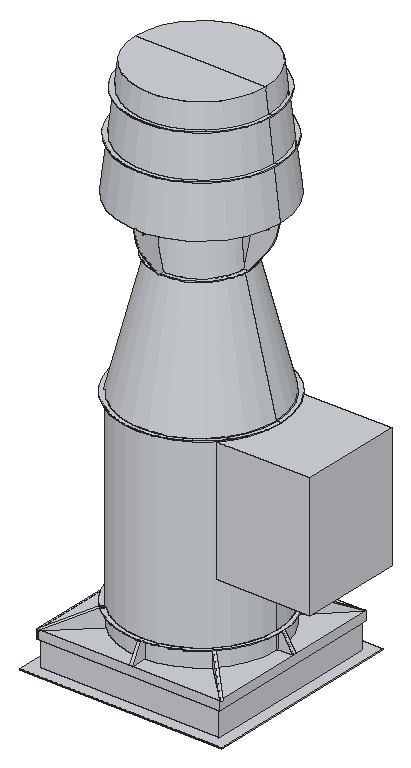
Revit family "POWER_PLUME", category Mechanical Equipment, Revit 2019
Family settings
  Round Connector Dimension = Use Radius
  Part Type = Normal
  Work Plane-Based = No
  Always vertical = Yes
  Cut with Voids When Loaded = No
  Shared = No
  Room Calculation Point = No
Parameters
  Unit Weight [instance] = ""
  T_SQ/2 = T_SQ / 2  # 2' - 7"
  T_SQ+.25" = T_SQ + 0' 0 1/4"  # 5' - 2 1/4"
  T_SQ = 5' - 2"
  Sones [instance] = ""
  RAD_2 = 1' - 3"
  RAD3 = 1' - 1"
  RAD+1.5" = RAD + 0' 1 1/2"  # 2' - 3 3/8"
  RAD = 4' 3 3/4" / 2  # 2' - 1 7/8"
  Motor RPM [instance] = ""
  Motor Enclosure [instance] = ""
  ModelID [instance] = ""
  LwA [instance] = ""
  Fan RPM [instance] = ""
  F = 0' - 0"
  E = 0' - 2"
  D = 1' - 9"
  CONE_HEIGHT = 1' - 3 29/64"
  C/2 = C / 2  # 0' - 11 1/16"
  C = 1' - 10 1/8"
  B/2 = B / 2  # 1' - 0 1/16"
  B = 2' - 0 1/8"
  Accessories [instance] = ""
  A/2 = A / 2  # 1' - 0 1/8"
  A = 2' - 0 1/4"
  8" = 0' - 8"  # constant formula
  64" = 5' - 4"  # constant formula
  58 7/32" = 4' - 10 7/32"  # constant formula
  54.375"/2 = 4' 6 3/8" / 2  # 2' - 3 3/16"
  54.375" = 4' - 6 3/8"  # constant formula
  51" = 4' - 3"  # constant formula
  44.375"/2 = 3' 8 3/8" / 2  # 1' - 10 3/16"
  44.375" = 3' - 8 3/8"  # constant formula
  39 27/32" = 3' - 3 27/32"  # constant formula
  33 7/32"/2 = 2' 9 7/32" / 2  # 1' - 4 39/64"
  30.375" = 2' - 6 3/8"  # constant formula
  3" = 0' - 3"  # constant formula
  Brake Hp [instance] = ""
  4" = 0' - 4"  # constant formula
  2.875" = 0' - 2 7/8"
  2' = 2' - 0"
  2" = 0' - 2"  # constant formula
  17.5" = 1' - 5 1/2"  # constant formula
  10'-58 7/32" = 14' 6" - 4' 10 7/32"  # 9' - 7 25/32"
  1" = 0' - 1"  # constant formula
  0 = 0' - 0"  # constant formula
  Voltage [instance] = 0 V
  URL = "www.lorencook.com"
  Type Comments = "Power Plume with Curb Cap - Total of 10' Tall"  # constant formula
  Static Pressure [instance] = 0.00 in-wg
  Power [instance] = Voltage * Motor FLA * sqrt(if(Phase = 3, 3, 1))  # 0 VA
  Phase [instance] = 0
  Number of Poles [instance] = 1
  Motor Hp [instance] = "0"
  Motor FLA [instance] = 0 A
  Model = "Power Plume"  # constant formula
  Manufacturer = "Loren Cook Company"
  CFM [instance] = 0 CFM
  1.5 = 0' - 1 1/2"  # constant formula
  ONE EIGTH = 0' - 0 1/8"  # constant formula
  (T_SQ+.25")/2 = (T_SQ + 0' 0 1/4") / 2  # 2' - 7 1/8"
Reference planes (in)
  plane 1 "Center (Front/Back)": y = 0
  plane 2: z = 0
  plane 3 "Center (Left/Right)": x = 0.40541
  plane 4: through (-20.59459, -21, 48) normal (-0.7071, 0.7071, 0)
Forms (in)
  Extrusion 1, solid
    sketch origin (0, 0, 0) x (1, 0, 0) y (0, 1, 0)
      loop
        line (-30.71959, 31.125) -> (-30.71959, -31.125) -> (31.53041, -31.125) -> (31.53041, 31.125) -> (-30.71959, 31.125)
    from 3 to 0
  Extrusion 2, void
    sketch origin (0, 0, 0) x (1, 0, 0) y (0, 1, 0)
      loop
        line (-30.59459, 31) -> (-30.59459, -31) -> (31.40541, -31) -> (31.40541, 31) -> (-30.59459, 31)
    from 2.875 to 0
  Extrusion 3, solid
    sketch origin (0, 0, 3) x (1, 0, 0) y (0, 1, 0)
      loop
        circle (0.40541, 0) r 25.875
    from 6 to 0
  Extrusion 4, solid
    sketch origin (0, 0, 3) x (1, 0, 0) y (0, 1, 0)
      loop
        circle (0.40541, 0) r 25.875
      loop
        circle (0.40541, 0) r 27.375
    from 6 to 6.125
  Extrusion 5, solid
    sketch origin (0, 0, 9) x (1, 0, 0) y (0, 1, 0)
      loop
        circle (0.40541, 0) r 27.375
      loop
        circle (0.40541, 0) r 25.875
    from 0 to 0.125
  Revolve 6, solid
    sketch origin (0, 0, 0) x (1, 0, 0) y (0, 0, 1)
      loop
        line (0.40541, 9.125) -> (26.28041, 9.125) -> (26.28041, 73.125) -> (15.40541, 115.78125) -> (0.40541, 115.78125) -> (0.40541, 9.125)
      axis (0.40541, 115.78125) -> (0.40541, 9.125)
    angle from 0 to 360
  Revolve 7, solid
    sketch origin (0, 0, 0) x (1, 0, 0) y (0, 0, 1)
      loop
        line (0.40541, 115.78125) -> (17.01479, 115.78125) -> (17.01479, 115.90625) -> (15.40541, 115.90625) -> (13.40541, 134.15625) -> (27.59291, 134.15625) -> (22.59291, 174) -> (0.40541, 174) -> (0.40541, 115.78125)
      axis (0.40541, 174) -> (0.40541, 115.78125)
    angle from 0 to 360
  Revolve 8, solid
    sketch origin (0, 0, 0) x (1, 0, 0) y (0, 0, 1)
      loop
        line (25.39683, 151.65625) -> (26.89683, 151.65625) -> (26.89683, 151.78125) -> (25.38115, 151.78125) -> (25.39683, 151.65625)
      axis (0.40541, 151.65625) -> (0.40541, 151.78125)
    angle from 0 to 360
  Revolve 9, solid
    sketch origin (0, 0, 0) x (1, 0, 0) y (0, 0, 1)
      loop
        line (23.59683, 166) -> (25.09683, 166) -> (25.09683, 166.125) -> (23.58118, 166.125) -> (23.59683, 166)
      axis (0.40541, 166) -> (0.40541, 166.125)
    angle from 0 to 360
  Extrusion 10, solid
    sketch origin (0, -0.40541, 0) x (1, 0, 0) y (0, 0, 1)
      loop
        line (15.40541, 115.90625) -> (17.01479, 115.90625) -> (23.4706, 123.97314)
        arc (23.4706, 123.97314) -> (25.68571, 127.51775) -> (27.02357, 131.47768) r 18
        line (27.02357, 131.47768) -> (27.59291, 134.15625) -> (25.07207, 134.15625) -> (24.5362, 131.63518)
        arc (24.5362, 131.63518) -> (23.66853, 130.69655) -> (22.42963, 131.01119) r 1.25
        line (22.42963, 131.01119) -> (19.28457, 134.15625) -> (16.23501, 134.15625) -> (16.90982, 132.30223)
        arc (16.90982, 132.30223) -> (17.64768, 128.83086) -> (17.40012, 125.29059) r 12.75
        line (17.40012, 125.29059) -> (15.40541, 115.90625)
    from 0 to 0.125
  Extrusion 11, solid
    sketch origin (0.81082, -0.40541, 0) x (0, 1, 0) y (0, 0, 1)
      loop
        line (-30.62584, 3) -> (-25.46959, 3) -> (-25.46959, 9) -> (-26.96959, 9) -> (-30.62584, 3)
    from 0 to 1
  Extrusion 12, solid
    sketch origin (21.40541, -21, 48) x (0.707107, -0.707107, 0) y (0, 0, 1)
      loop
        line (-73.71588, -45) -> (-55.61759, -45) -> (-55.61759, -39) -> (-57.07348, -39) -> (-73.71588, -45)
    from 0 to 1
  Extrusion 13, solid
    sketch origin (-20.59459, -21, 48) x (-0.707107, -0.707107, 0) y (0, 0, 1)
      loop
        circle (-29.69848, 69.90625) r 1
    from 0 to 15 <- "RAD_2"
  Extrusion 14, solid
    sketch origin (0.40541, 0, 0) x (0, 1, 0) y (0, 0, 1)
      loop
        line (15.40541, 115.90625) -> (17.01479, 115.90625) -> (23.4706, 123.97314)
        arc (23.4706, 123.97314) -> (25.68571, 127.51775) -> (27.02357, 131.47768) r 18
        line (27.02357, 131.47768) -> (27.59291, 134.15625) -> (25.07207, 134.15625) -> (24.5362, 131.63518)
        arc (24.5362, 131.63518) -> (23.66853, 130.69655) -> (22.42963, 131.01119) r 1.25
        line (22.42963, 131.01119) -> (19.28457, 134.15625) -> (16.23501, 134.15625) -> (16.90982, 132.30223)
        arc (16.90982, 132.30223) -> (17.64768, 128.83086) -> (17.40012, 125.29059) r 12.75
        line (17.40012, 125.29059) -> (15.40541, 115.90625)
    from 0 to 0.125
  Extrusion 15, solid
    sketch origin (0, 0.40541, 0) x (-1, 0, 0) y (0, 0, 1)
      loop
        line (15.40541, 115.90625) -> (17.01479, 115.90625) -> (23.4706, 123.97314)
        arc (23.4706, 123.97314) -> (25.68571, 127.51775) -> (27.02357, 131.47768) r 18
        line (27.02357, 131.47768) -> (27.59291, 134.15625) -> (25.07207, 134.15625) -> (24.5362, 131.63518)
        arc (24.5362, 131.63518) -> (23.66853, 130.69655) -> (22.42963, 131.01119) r 1.25
        line (22.42963, 131.01119) -> (19.28457, 134.15625) -> (16.23501, 134.15625) -> (16.90982, 132.30223)
        arc (16.90982, 132.30223) -> (17.64768, 128.83086) -> (17.40012, 125.29059) r 12.75
        line (17.40012, 125.29059) -> (15.40541, 115.90625)
    from 0 to 0.125
  Extrusion 16, solid
    sketch origin (-0.40541, 0, 0) x (0, -1, 0) y (0, 0, 1)
      loop
        line (15.40541, 115.90625) -> (17.01479, 115.90625) -> (23.4706, 123.97314)
        arc (23.4706, 123.97314) -> (25.68571, 127.51775) -> (27.02357, 131.47768) r 18
        line (27.02357, 131.47768) -> (27.59291, 134.15625) -> (25.07207, 134.15625) -> (24.5362, 131.63518)
        arc (24.5362, 131.63518) -> (23.66853, 130.69655) -> (22.42963, 131.01119) r 1.25
        line (22.42963, 131.01119) -> (19.28457, 134.15625) -> (16.23501, 134.15625) -> (16.90982, 132.30223)
        arc (16.90982, 132.30223) -> (17.64768, 128.83086) -> (17.40012, 125.29059) r 12.75
        line (17.40012, 125.29059) -> (15.40541, 115.90625)
    from 0 to 0.125
  Extrusion 17, solid
    sketch origin (0.81082, 0.40541, 0) x (-1, 0, 0) y (0, 0, 1)
      loop
        line (-30.62584, 3) -> (-25.46959, 3) -> (-25.46959, 9) -> (-26.96959, 9) -> (-30.62584, 3)
    from 0 to 1
  Extrusion 18, solid
    sketch origin (21.40541, 21, 48) x (0.707107, 0.707107, 0) y (0, 0, 1)
      loop
        line (-73.71588, -45) -> (-55.61759, -45) -> (-55.61759, -39) -> (-57.07348, -39) -> (-73.71588, -45)
    from 0 to 1
  Extrusion 19, solid
    sketch origin (0, 0.40541, 0) x (0, -1, 0) y (0, 0, 1)
      loop
        line (-30.62584, 3) -> (-25.46959, 3) -> (-25.46959, 9) -> (-26.96959, 9) -> (-30.62584, 3)
    from 0 to 1
  Extrusion 20, solid
    sketch origin (-20.59459, 21, 48) x (-0.707107, 0.707107, 0) y (0, 0, 1)
      loop
        line (-73.71588, -45) -> (-55.61759, -45) -> (-55.61759, -39) -> (-57.07348, -39) -> (-73.71588, -45)
    from 0 to 1
  Extrusion 21, solid
    sketch origin (0, -0.40541, 0) x (1, 0, 0) y (0, 0, 1)
      loop
        line (-30.62584, 3) -> (-25.46959, 3) -> (-25.46959, 9) -> (-26.96959, 9) -> (-30.62584, 3)
    from 0 to 1
  Extrusion 22, solid
    sketch origin (-20.59459, -21, 48) x (-0.707107, -0.707107, 0) y (0, 0, 1)
      loop
        line (-73.71588, -45) -> (-55.61759, -45) -> (-55.61759, -39) -> (-57.07348, -39) -> (-73.71588, -45)
    from 0 to 1
  Revolve 23, solid
    sketch origin (0, 0, 0) x (1, 0, 0) y (0, 0, 1)
      loop
        line (26.28041, 73.125) -> (26.28041, 73) -> (27.78041, 73) -> (27.78041, 73.125) -> (26.28041, 73.125)
      axis (0.40541, 73) -> (0.40541, 73.125)
    angle from 0 to 360
  Extrusion 24, solid
    sketch origin (0, 0, 0) x (1, 0, 0) y (0, 1, 0)
      loop
        arc (19.46494, 17.5) -> (26.28041, 0) -> (19.46494, -17.5) r 25.875
        line (19.46494, -17.5) -> (51.40541, -17.5) -> (51.40541, 17.5) -> (19.46494, 17.5)
    from 30 to 72
  Extrusion 25, solid
    sketch origin (0, 0, 0) x (1, 0, 0) y (0, 1, 0)
      loop
        arc (-1.59459, 25.79759) -> (0.40541, 25.875) -> (2.40541, 25.79759) r 25.875
        line (2.40541, 25.79759) -> (2.40541, 29.875) -> (-1.59459, 29.875) -> (-1.59459, 25.79759)
    from 28 to 24
  Extrusion 26, solid
    sketch origin (0, 0, 0) x (1, 0, 0) y (0, 1, 0)
      loop
        line (-29.96959, 30.375) -> (-29.96959, -30.375) -> (30.78041, -30.375) -> (30.78041, 30.375) -> (-29.96959, 30.375)
    from 0 to -9
  Extrusion 27, solid
    sketch origin (0, 0, 0) x (1, 0, 0) y (0, 1, 0)
      loop
        line (-33.96959, 34.375) -> (-33.96959, -34.375) -> (34.78041, -34.375) -> (34.78041, 34.375) -> (-33.96959, 34.375)
    from -8.75 to -9
Cuts and joins
  Extrusion 2 cuts Extrusion 1
Dimensions and locks (in)
  "(T_SQ+.25")/2": Extrusion 1 sketch curve to plane 3 "Center (Left/Right)"
  "(T_SQ+.25")/2": plane 3 "Center (Left/Right)" to Extrusion 1 sketch curve
  "(T_SQ+.25")/2": plane 1 "Center (Front/Back)" to Extrusion 1 sketch curve
  "(T_SQ+.25")/2": Extrusion 1 sketch curve to plane 1 "Center (Front/Back)"
  "T_SQ/2": Extrusion 2 sketch curve to plane 3 "Center (Left/Right)"
  "T_SQ/2": plane 3 "Center (Left/Right)" to Extrusion 2 sketch curve
  "T_SQ/2": plane 1 "Center (Front/Back)" to Extrusion 2 sketch curve
  "T_SQ/2": Extrusion 2 sketch curve to plane 1 "Center (Front/Back)"
  "0": Extrusion 3 sketch curve to plane 3 "Center (Left/Right)"
  "0": Extrusion 3 sketch curve to plane 1 "Center (Front/Back)"
  "0": Extrusion 4 sketch curve to plane 3 "Center (Left/Right)"  (x2)
  "0": Extrusion 4 sketch curve to plane 1 "Center (Front/Back)"  (x2)
  "0": plane 3 "Center (Left/Right)" to Extrusion 5 sketch curve
  "0": Extrusion 5 sketch curve to plane 3 "Center (Left/Right)"
  "0": Extrusion 5 sketch curve to plane 1 "Center (Front/Back)"  (x2)
  "0": Revolve 6 sketch curve to Extrusion 5
  "RAD": Revolve 6 sketch curve to plane 3 "Center (Left/Right)"
  "RAD_2": Revolve 6 sketch curve to plane 3 "Center (Left/Right)"
  "0": Revolve 6 sketch curve to plane 3 "Center (Left/Right)"  (x2)
  "10'-58 7/32"": Revolve 6 sketch curve to level
  "0": Revolve 7 sketch curve to Revolve 6
  "58 7/32"": Revolve 7 sketch curve to Revolve 6
  "0": Revolve 7 sketch curve to plane 3 "Center (Left/Right)"  (x2)
  "ONE EIGTH": Revolve 7 sketch curve to Revolve 7 sketch curve
  "33 7/32"/2": Revolve 7 sketch curve to plane 3 "Center (Left/Right)"
  "RAD_2": Revolve 7 sketch curve to plane 3 "Center (Left/Right)"
  "54.375"/2": Revolve 7 sketch curve to plane 3 "Center (Left/Right)"
  "44.375"/2": Revolve 7 sketch curve to plane 3 "Center (Left/Right)"
  "39 27/32"": Revolve 7 sketch curve to Revolve 7 sketch curve
  "RAD3": Revolve 7 sketch curve to plane 3 "Center (Left/Right)"
  "17.5"": Revolve 8 sketch curve to Revolve 7
  "1.5": Revolve 8 sketch curve to Revolve 8 sketch curve
  "ONE EIGTH": Revolve 8 sketch curve to Revolve 8 sketch curve
  "0": Revolve 8 sketch curve to plane 3 "Center (Left/Right)"
  "8"": Revolve 7 to Revolve 9 sketch curve
  "0": Revolve 9 sketch curve to plane 3 "Center (Left/Right)"
  "1.5": Revolve 9 sketch curve to Revolve 9 sketch curve
  "ONE EIGTH": Revolve 9 sketch curve to Revolve 9 sketch curve
  "2"": Extrusion 13 sketch curve to Revolve 7
  "0": Extrusion 13 sketch curve to Extrusion 12
  "64"": Revolve 6 sketch curve to Extrusion 5
  "0": Revolve 23 sketch curve to plane 3 "Center (Left/Right)"
  "ONE EIGTH": Revolve 23 sketch curve to Revolve 23 sketch curve
  "1.5": Revolve 23 sketch curve to Revolve 23 sketch curve
  "0": Revolve 23 sketch curve to Revolve 6
  "RAD": Revolve 23 sketch curve to plane 3 "Center (Left/Right)"
  Extrusion 24 sketch curve to plane 3 "Center (Left/Right)" = 0' - 0"
  Extrusion 24 sketch curve to plane 1 "Center (Front/Back)" = 0' - 0"
  "17.5"": plane 1 "Center (Front/Back)" to Extrusion 24 sketch curve  (x2)
  "51"": plane 3 "Center (Left/Right)" to Extrusion 24 sketch curve
  "2"": Extrusion 25 sketch curve to plane 3 "Center (Left/Right)"
  "2"": plane 3 "Center (Left/Right)" to Extrusion 25 sketch curve
  "4"": Extrusion 25 sketch curve to Extrusion 25 sketch curve
  "30.375"": Extrusion 26 sketch curve to plane 3 "Center (Left/Right)"
  "30.375"": plane 3 "Center (Left/Right)" to Extrusion 26 sketch curve
  "30.375"": plane 1 "Center (Front/Back)" to Extrusion 26 sketch curve
  "30.375"": Extrusion 26 sketch curve to plane 1 "Center (Front/Back)"
  "4"": Extrusion 27 sketch curve to Extrusion 26
  "4"": Extrusion 26 to Extrusion 27 sketch curve  (x3)
  "RAD": radius of Extrusion 3 sketch curve
  "RAD+1.5"": radius of Extrusion 4 sketch curve
  "RAD": radius of Extrusion 4 sketch curve
  "RAD": radius of Extrusion 5 sketch curve
  "RAD+1.5"": radius of Extrusion 5 sketch curve
  "1"": radius of Extrusion 13 sketch curve
  "RAD": radius of Extrusion 24 sketch curve
  "RAD": radius of Extrusion 25 sketch curve
Automatic sketch dimensions
  Revolve 7 sketch curve to Revolve 7 sketch curve = 1' - 9"
  Revolve 7 sketch curve to Revolve 7 sketch curve = 0' - 0"
  plane 3 "Center (Left/Right)" to Revolve 8 sketch curve = 2' - 0.97574"
  Revolve 8 sketch curve to Revolve 8 sketch curve = 0' - 0.01568"
  Revolve 8 sketch curve to Revolve 8 sketch curve = 2' - 6"
  Revolve 8 sketch curve to Revolve 8 sketch curve = 0' - 0"
  plane 3 "Center (Left/Right)" to Revolve 9 sketch curve = 1' - 11 45/256"
  Revolve 9 sketch curve to Revolve 9 sketch curve = 0' - 0.01566"
  Revolve 9 sketch curve to Revolve 9 sketch curve = 0' - 9.79965"
  Revolve 9 sketch curve to Revolve 9 sketch curve = 0' - 11"
  Extrusion 10 sketch curve to Extrusion 10 sketch curve = 0' - 4.48817"
  Extrusion 10 sketch curve to Extrusion 10 sketch curve = 0' - 6.8181"
  Extrusion 10 sketch curve to Extrusion 10 sketch curve = 0' - 0.67481"
  Extrusion 10 sketch curve to Extrusion 10 sketch curve = 0' - 1 39/64"
  Extrusion 10 sketch curve to Extrusion 10 sketch curve = 0' - 0.4903"
  Extrusion 10 sketch curve to Extrusion 10 sketch curve = 0' - 2.37475"
  Extrusion 10 sketch curve to Extrusion 10 sketch curve = 0' - 3.14506"
  Extrusion 10 sketch curve to Extrusion 10 sketch curve = 0' - 0.88388"
  Extrusion 10 sketch curve to Extrusion 10 sketch curve = 0' - 6.07048"
  Extrusion 10 sketch curve to Extrusion 10 sketch curve = 0' - 1.22268"
  Extrusion 10 sketch curve to Extrusion 10 sketch curve = 0' - 0.53587"
  Extrusion 10 sketch curve to Extrusion 10 sketch curve = 0' - 2.48737"
  Extrusion 10 sketch curve to Extrusion 10 sketch curve = 0' - 2.52085"
  Extrusion 10 sketch curve to Extrusion 10 sketch curve = 0' - 8.06689"
  Extrusion 10 sketch curve to Extrusion 10 sketch curve = 0' - 1.31745"
  Extrusion 10 sketch curve to Extrusion 10 sketch curve = 0' - 2.65087"
  Extrusion 10 sketch curve to Extrusion 10 sketch curve = 0' - 1.29104"
  Extrusion 10 sketch curve to Extrusion 10 sketch curve = 0' - 0.46649"
  Extrusion 10 sketch curve to Extrusion 10 sketch curve = 0' - 0.62399"
  Extrusion 10 sketch curve to Extrusion 10 sketch curve = 0' - 2.52107"
  Extrusion 10 sketch curve to Extrusion 10 sketch curve = 0' - 1.85402"
  Extrusion 10 sketch curve to Extrusion 10 sketch curve = 0' - 1.9947"
  Extrusion 11 sketch curve to Extrusion 11 sketch curve = 0' - 3 21/32"
  Extrusion 11 sketch curve to Extrusion 11 sketch curve = 0' - 5 5/32"
  Extrusion 11 sketch curve to Extrusion 11 sketch curve = 0' - 6"
  plane 3 "Center (Left/Right)" to Extrusion 10 sketch curve = 0' - 4.52332"
  level to Extrusion 10 sketch curve = 9' - 7 29/32"
  Extrusion 14 sketch curve to Extrusion 14 sketch curve = 0' - 4.48817"
  Extrusion 14 sketch curve to Extrusion 14 sketch curve = 0' - 6.8181"
  Extrusion 14 sketch curve to Extrusion 14 sketch curve = 0' - 0.67481"
  Extrusion 14 sketch curve to Extrusion 14 sketch curve = 0' - 1 39/64"
  Extrusion 14 sketch curve to Extrusion 14 sketch curve = 0' - 0.4903"
  Extrusion 14 sketch curve to Extrusion 14 sketch curve = 0' - 2.37475"
  Extrusion 14 sketch curve to Extrusion 14 sketch curve = 0' - 3.14506"
  Extrusion 14 sketch curve to Extrusion 14 sketch curve = 0' - 0.88388"
  Extrusion 14 sketch curve to Extrusion 14 sketch curve = 0' - 6.07048"
  Extrusion 14 sketch curve to Extrusion 14 sketch curve = 0' - 1.22268"
  Extrusion 14 sketch curve to Extrusion 14 sketch curve = 0' - 0.53587"
  Extrusion 14 sketch curve to Extrusion 14 sketch curve = 0' - 2.48737"
  Extrusion 14 sketch curve to Extrusion 14 sketch curve = 0' - 2.52085"
  Extrusion 14 sketch curve to Extrusion 14 sketch curve = 0' - 8.06689"
  Extrusion 14 sketch curve to Extrusion 14 sketch curve = 0' - 1.31745"
  Extrusion 14 sketch curve to Extrusion 14 sketch curve = 0' - 2.65087"
  Extrusion 14 sketch curve to Extrusion 14 sketch curve = 0' - 1.29104"
  Extrusion 14 sketch curve to Extrusion 14 sketch curve = 0' - 0.46649"
  Extrusion 14 sketch curve to Extrusion 14 sketch curve = 0' - 0.62399"
  Extrusion 14 sketch curve to Extrusion 14 sketch curve = 0' - 2.52107"
  Extrusion 14 sketch curve to Extrusion 14 sketch curve = 0' - 1.85402"
  Extrusion 14 sketch curve to Extrusion 14 sketch curve = 0' - 1.9947"
  level to Extrusion 14 sketch curve = 9' - 7 29/32"
  Extrusion 14 sketch curve to plane 1 "Center (Front/Back)" = 0' - 4.92873"
  Extrusion 15 sketch curve to plane 3 "Center (Left/Right)" = 0' - 5.33415"
  Extrusion 15 sketch curve to Extrusion 15 sketch curve = 0' - 4.48817"
  Extrusion 15 sketch curve to plane 3 "Center (Left/Right)" = 1' - 3.81082"
  Extrusion 15 sketch curve to Extrusion 15 sketch curve = 0' - 6.8181"
  Extrusion 15 sketch curve to Extrusion 15 sketch curve = 0' - 0.67481"
  Extrusion 15 sketch curve to Extrusion 15 sketch curve = 0' - 1 39/64"
  Extrusion 15 sketch curve to Extrusion 15 sketch curve = 0' - 0.4903"
  Extrusion 15 sketch curve to Extrusion 15 sketch curve = 0' - 2.37475"
  Extrusion 15 sketch curve to Extrusion 15 sketch curve = 0' - 3.14506"
  Extrusion 15 sketch curve to Extrusion 15 sketch curve = 0' - 0.88388"
  Extrusion 15 sketch curve to Extrusion 15 sketch curve = 0' - 6.07048"
  Extrusion 15 sketch curve to Extrusion 15 sketch curve = 0' - 1.22268"
  Extrusion 15 sketch curve to Extrusion 15 sketch curve = 0' - 0.53587"
  Extrusion 15 sketch curve to Extrusion 15 sketch curve = 0' - 2.48737"
  Extrusion 15 sketch curve to Extrusion 15 sketch curve = 0' - 2.52085"
  level to Extrusion 15 sketch curve = 9' - 7 29/32"
  Extrusion 15 sketch curve to Extrusion 15 sketch curve = 0' - 8.06689"
  Extrusion 15 sketch curve to Extrusion 15 sketch curve = 0' - 1.31745"
  Extrusion 15 sketch curve to Extrusion 15 sketch curve = 0' - 2.65087"
  Extrusion 15 sketch curve to Extrusion 15 sketch curve = 0' - 1.29104"
  Extrusion 15 sketch curve to Extrusion 15 sketch curve = 0' - 0.46649"
  Extrusion 15 sketch curve to Extrusion 15 sketch curve = 0' - 0.62399"
  Extrusion 15 sketch curve to Extrusion 15 sketch curve = 0' - 2.52107"
  Extrusion 15 sketch curve to Extrusion 15 sketch curve = 0' - 1.85402"
  plane 1 "Center (Front/Back)" to Extrusion 16 sketch curve = 0' - 4.92873"
  Extrusion 16 sketch curve to Extrusion 16 sketch curve = 0' - 4.48817"
  plane 1 "Center (Front/Back)" to Extrusion 16 sketch curve = 1' - 3.40541"
  Extrusion 16 sketch curve to Extrusion 16 sketch curve = 0' - 6.8181"
  Extrusion 16 sketch curve to Extrusion 16 sketch curve = 0' - 0.67481"
  Extrusion 16 sketch curve to Extrusion 16 sketch curve = 0' - 1 39/64"
  Extrusion 16 sketch curve to Extrusion 16 sketch curve = 0' - 0.4903"
  Extrusion 16 sketch curve to Extrusion 16 sketch curve = 0' - 2.37475"
  Extrusion 16 sketch curve to Extrusion 16 sketch curve = 0' - 3.14506"
  Extrusion 16 sketch curve to Extrusion 16 sketch curve = 0' - 0.88388"
  Extrusion 16 sketch curve to Extrusion 16 sketch curve = 0' - 6.07048"
  Extrusion 16 sketch curve to Extrusion 16 sketch curve = 0' - 1.22268"
  Extrusion 16 sketch curve to Extrusion 16 sketch curve = 0' - 0.53587"
  Extrusion 16 sketch curve to Extrusion 16 sketch curve = 0' - 2.48737"
  Extrusion 16 sketch curve to Extrusion 16 sketch curve = 0' - 2.52085"
  level to Extrusion 16 sketch curve = 9' - 7 29/32"
  Extrusion 16 sketch curve to Extrusion 16 sketch curve = 0' - 8.06689"
  Extrusion 16 sketch curve to Extrusion 16 sketch curve = 0' - 1.31745"
  Extrusion 16 sketch curve to Extrusion 16 sketch curve = 0' - 2.65087"
  Extrusion 16 sketch curve to Extrusion 16 sketch curve = 0' - 1.29104"
  Extrusion 16 sketch curve to Extrusion 16 sketch curve = 0' - 0.46649"
  Extrusion 16 sketch curve to Extrusion 16 sketch curve = 0' - 0.62399"
  Extrusion 16 sketch curve to Extrusion 16 sketch curve = 0' - 2.52107"
  Extrusion 16 sketch curve to Extrusion 16 sketch curve = 0' - 1.85402"
  Extrusion 12 sketch curve to Extrusion 12 sketch curve = 1' - 4.6424"
  Extrusion 12 sketch curve to Extrusion 12 sketch curve = 0' - 1.45589"
  level to Revolve 6 sketch curve = 0' - 4 1/8"
  Revolve 6 sketch curve to Revolve 6 sketch curve = 0' - 0"
  Extrusion 12 sketch curve to Extrusion 12 sketch curve = 0' - 6"
  Extrusion 17 sketch curve to Extrusion 17 sketch curve = 0' - 3 21/32"
  Extrusion 17 sketch curve to Extrusion 17 sketch curve = 0' - 5 5/32"
  Extrusion 17 sketch curve to Extrusion 17 sketch curve = 0' - 6"
  Extrusion 18 sketch curve to Extrusion 18 sketch curve = 1' - 4.6424"
  Extrusion 18 sketch curve to Extrusion 18 sketch curve = 0' - 1.45589"
  Extrusion 18 sketch curve to Extrusion 18 sketch curve = 0' - 6"
  Extrusion 19 sketch curve to Extrusion 19 sketch curve = 0' - 3 21/32"
  Extrusion 19 sketch curve to Extrusion 19 sketch curve = 0' - 5 5/32"
  Extrusion 19 sketch curve to Extrusion 19 sketch curve = 0' - 6"
  Extrusion 20 sketch curve to Extrusion 20 sketch curve = 1' - 4.6424"
  Extrusion 20 sketch curve to Extrusion 20 sketch curve = 0' - 1.45589"
  Extrusion 20 sketch curve to Extrusion 20 sketch curve = 0' - 6"
  Extrusion 21 sketch curve to Extrusion 21 sketch curve = 0' - 3 21/32"
  Extrusion 21 sketch curve to Extrusion 21 sketch curve = 0' - 5 5/32"
  Extrusion 21 sketch curve to Extrusion 21 sketch curve = 0' - 6"
  Extrusion 22 sketch curve to Extrusion 22 sketch curve = 1' - 4.6424"
  Extrusion 22 sketch curve to Extrusion 22 sketch curve = 0' - 1.45589"
  Extrusion 22 sketch curve to Extrusion 22 sketch curve = 0' - 6"
  Revolve 23 sketch curve to Revolve 23 sketch curve = 1' - 6"
  Revolve 23 sketch curve to Revolve 23 sketch curve = 1' - 11.22684"
  Extrusion 24 sketch curve to Extrusion 24 sketch curve = 0' - 0"
  Extrusion 25 sketch curve to plane 1 "Center (Front/Back)" = 0' - 0"
  Extrusion 25 sketch curve to Extrusion 25 sketch curve = 0' - 0"  (x2)
Connectors (in)
  hvac at (0.40541, 0, 3), driven by "RAD"
    settings: on Extrusion 3, index 1, duct flow 0 CFM, flow factor 0, pres drop 0.00 in-wg, loss coef 0, conn angle 0.00°, conn width 12", conn height 12", conn diameter 51 3/4", duct sys type 29, conn prof type 0, flow config 0, flow direction 1, loss method 0, conn ref index -1, conn util no, is conn primary yes, conn desc ""
  electrical at (-10.20119, 10.6066, 117.90625)
    settings: on Extrusion 13, index 2, voltage 0 V, apparent load 0 VA, apparent load phase1 0 VA, apparent load phase2 0 VA, apparent load phase3 0 VA, power factor 1, load classification "Other", number of poles 1, system type 30, power factor state 1, is connector primary yes, connector utility no, sub classification motor no, connector description ""
  hvac at (0.40541, 0, 174), driven by "44.375"/2"
    settings: on Revolve 7, index 3, duct flow 0 CFM, flow factor 0, pres drop 0.00 in-wg, loss coef 0, conn angle 0.00°, conn width 12", conn height 12", conn diameter 44 3/8", duct sys type 3, conn prof type 0, flow config 0, flow direction 2, loss method 0, conn ref index -1, conn util no, is conn primary no, conn desc ""
  electrical at (0.40541, 27.83629, 24)
    settings: on Extrusion 25, index 4, voltage 0 V, apparent load 0 VA, apparent load phase1 0 VA, apparent load phase2 0 VA, apparent load phase3 0 VA, power factor 1, load classification "Other", number of poles 1, system type 30, power factor state 1, is connector primary no, connector utility no, sub classification motor no, connector description ""
